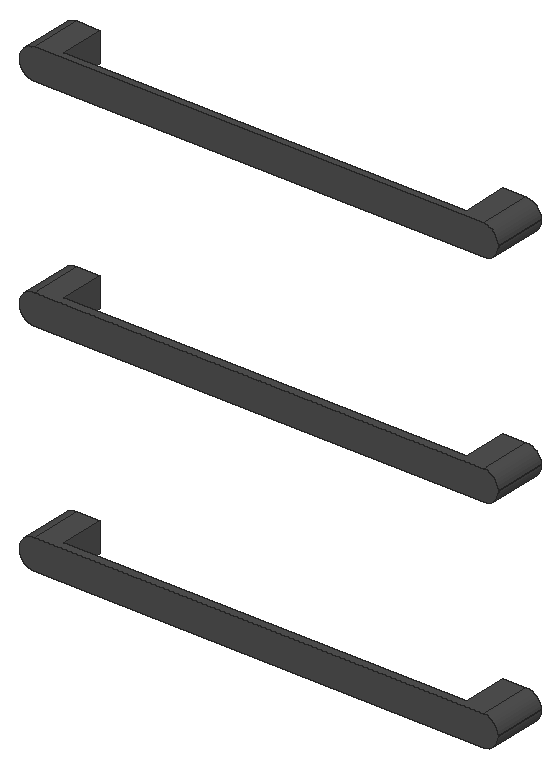
Revit family "Reece_Accessory_Mizu_Soothe_Heated Towel Rail_Triple", category Plumbing Fixtures, Revit 2018
Family settings
  Round Connector Dimension = Use Diameter
  Part Type = Normal
  Work Plane-Based = Yes
  Always vertical = Yes
  Cut with Voids When Loaded = Yes
  Shared = Yes
  Room Calculation Point = Yes
Parameters (values of type "630 mm_Matte Black")
  URL = "https://www.reece.com.au/product/-2007472"
  Type Comments = "Accessory"
  Reece_Product_Web Page = "https://www.reece.com.au/product/-2007472"
  Reece_Product_Type = "Accessory"  # constant formula
  Reece_Product_Sub Brand = "Soothe"  # constant formula
  Reece_Product_Number = "2007472"
  Reece_Product_Mount = "Wall Mounted"
  Reece_Product_Description = "Mizu Soothe Heated Towel Rail 630mm (Triple Pack) Matte Black"
  Reece_Product_Brand = "Mizu"  # constant formula
  Reece_Overall_Width = 632 mm
  Reece_Overall_Projection = 70 mm
  Reece_Material_Main = Reece_Brass_Matte Black
  Reece_Height_From_Level [instance] = 600 mm
  Reece_Electrical_Wattage = 17 W
  Reece_Electrical_Voltage = 12 V
  Reece_Electrical_IP Rating = "IP55"  # constant formula
  Reece_Detail_Shape = ""
  Reece_Detail_Installation = ""
  Reece_Detail_Disclaimer = "THIS FILE IS THE PROPERTY OF THE REECE GROUP. IT MAY NOT BE REPRODUCED, REVERSE-ENGINEERED OR MODIFIED. ANY REPUBLICATION, TRANSMISSION OR DISTRIBUTION FOR THE PURPOSE OF COMMERCIALLY EXPLOITING THE FILES IS PROHIBITED."  # constant formula
  Reece_Detail_Connector = "Electrical input required. Refer to the product web page for further details."  # constant formula
  Reece_Detail_Additional = "Triple Pack"  # constant formula
  Reece_Bottom_Rail_Spacing [instance] = 20 mm  # constant formula
  Reece_Top_Rail_Spacing [instance] = 290 mm
  Reece_Mid_Rail_Spacing [instance] = 290 mm
  Model = "Soothe"
  Manufacturer = "Mizu"
  Keynote = "Product #2007472, Reece_Accessory_Mizu_Soothe_Heated Towel Rail_Triple - 630 mm_Matte Black"
  Fix_C [instance] = if(Reece_Bottom_Rail_Spacing < 20 mm, 20 mm, if(Reece_Bottom_Rail_Spacing > 20 mm, Reece_Bottom_Rail_Spacing, Reece_Bottom_Rail_Spacing))  # 20 mm
  Fix_B [instance] = if(Reece_Mid_Rail_Spacing < 40 mm, 40 mm, if(Reece_Mid_Rail_Spacing > 40 mm, Reece_Mid_Rail_Spacing, Reece_Mid_Rail_Spacing))  # 290 mm
  Fix_A [instance] = if(Reece_Top_Rail_Spacing < 40 mm, 40 mm, if(Reece_Top_Rail_Spacing > 40 mm, Reece_Top_Rail_Spacing, Reece_Top_Rail_Spacing))  # 290 mm
  Disclaimer = "THIS FILE IS THE PROPERTY OF THE REECE GROUP. IT MAY NOT BE REPRODUCED, REVERSE-ENGINEERED OR MODIFIED. ANY REPUBLICATION, TRANSMISSION OR DISTRIBUTION FOR THE PURPOSE OF COMMERCIALLY EXPLOITING THE FILES IS PROHIBITED."  # constant formula
  Description = "Mizu Soothe Heated Towel Rail 630mm (Triple Pack) Matte Black"
  Default Elevation = 0 mm
  Bottom_Offset [instance] = if(Reece_Height_From_Level < 600 mm, 600 mm, if(Reece_Height_From_Level > 600 mm, Reece_Height_From_Level, if(Reece_Height_From_Level = 0 mm, Reece_Height_From_Level, Reece_Height_From_Level)))  # 600 mm
Types (4, lengths in mm): name | URL | Reece_Product_Web Page | Reece_Product_Number | Reece_Product_Description | Reece_Overall_Width | Reece_Material_Main | Reece_Electrical_Wattage | Keynote | Description
  630 mm_Polished Stainless Steel | "https://www.reece.com.au/product/-2007470" | "https://www.reece.com.au/product/-2007470" | "2007470" | "Mizu Soothe Heated Towel Rail 630mm (Triple Pack) Polished Stainless Steel" | 632 | Reece_Metal_Stainless Steel_Polished | 17 W | "Product #2007470, Reece_Accessory_Mizu_Soothe_Heated Towel Rail_Triple - 630 mm_Polished Stainless Steel" | "Mizu Soothe Heated Towel Rail 630mm (Triple Pack) Polished Stainless Steel"
  830 mm_Polished Stainless Steel | "https://www.reece.com.au/product/-2007471" | "https://www.reece.com.au/product/-2007471" | "2007471" | "Mizu Soothe Heated Towel Rail 830mm (Triple Pack) Polished Stainless Steel" | 832 | Reece_Metal_Stainless Steel_Polished | 19 W | "Product #2007471, Reece_Accessory_Mizu_Soothe_Heated Towel Rail_Triple - 830 mm_Polished Stainless Steel" | "Mizu Soothe Heated Towel Rail 830mm (Triple Pack) Polished Stainless Steel"
  830 mm_Matte Black | "https://www.reece.com.au/product/-2007473" | "https://www.reece.com.au/product/-2007473" | "2007473" | "Mizu Soothe Heated Towel Rail 830mm (Triple Pack) Matte Black" | 832 | Reece_Brass_Matte Black | 19 W | "Product #2007473, Reece_Accessory_Mizu_Soothe_Heated Towel Rail_Triple - 830 mm_Matte Black" | "Mizu Soothe Heated Towel Rail 830mm (Triple Pack) Polished Stainless Steel"
  630 mm_Matte Black | "https://www.reece.com.au/product/-2007472" | "https://www.reece.com.au/product/-2007472" | "2007472" | "Mizu Soothe Heated Towel Rail 630mm (Triple Pack) Matte Black" | 632 | Reece_Brass_Matte Black | 17 W | "Product #2007472, Reece_Accessory_Mizu_Soothe_Heated Towel Rail_Triple - 630 mm_Matte Black" | "Mizu Soothe Heated Towel Rail 630mm (Triple Pack) Matte Black"
Reference planes
  plane 1 "Center (Front/Back)": y = 0
  plane 2 "Bottom Host Plane": z = -5
  plane 3 "Center (Left/Right)": x = 0
  plane 4: x = -316
  plane 5: x = 316
  plane 6: y = 0
  plane 7: y = -70
  plane 8 "Height From Floor": z = 600
  plane 9 "Rail_C": z = 620
  plane 10 "Rail_B": z = 910
  plane 11 "Rail_A": z = 1200
Forms (mm)
  Extrusion 1, solid, material "Reece_Brass_Matte Black" <- "Reece_Material_Main"
    sketch origin (0, 0, 0) x (1, 0, 0) y (0, 0, 1)
      loop
        line (-297, 600) -> (-266, 600) -> (-266, 640) -> (-296.5, 640)
        arc (-296.5, 640) -> (-310.289, 634.289) -> (-316, 620.5) r 19.5
        line (-316, 620.5) -> (-316, 619)
        arc (-316, 619) -> (-310.435, 605.565) -> (-297, 600) r 19
      loop
        arc (297, 600) -> (310.435, 605.565) -> (316, 619) r 19
        line (316, 619) -> (316, 620.5)
        arc (316, 620.5) -> (310.289, 634.289) -> (296.5, 640) r 19.5
        line (296.5, 640) -> (266, 640) -> (266, 600) -> (297, 600)
    from 0 to 70
  Extrusion 2, solid, material "Reece_Brass_Matte Black" <- "Reece_Material_Main"
    sketch origin (0, 0, 0) x (1, 0, 0) y (0, 0, 1)
      loop
        line (-266, 640) -> (-266, 600) -> (266, 600) -> (266, 640) -> (-266, 640)
    from 60 to 70
  Extrusion 3, solid, material "Reece_Brass_Matte Black" <- "Reece_Material_Main"
    sketch origin (0, 0, 150) x (1, 0, 0) y (0, 0, 1)
      loop
        line (-297, 740) -> (-266, 740) -> (-266, 780) -> (-296.5, 780)
        arc (-296.5, 780) -> (-310.289, 774.289) -> (-316, 760.5) r 19.5
        line (-316, 760.5) -> (-316, 759)
        arc (-316, 759) -> (-310.435, 745.565) -> (-297, 740) r 19
      loop
        arc (297, 740) -> (310.435, 745.565) -> (316, 759) r 19
        line (316, 759) -> (316, 760.5)
        arc (316, 760.5) -> (310.289, 774.289) -> (296.5, 780) r 19.5
        line (296.5, 780) -> (266, 780) -> (266, 740) -> (297, 740)
    from 0 to 70
  Extrusion 4, solid, material "Reece_Brass_Matte Black" <- "Reece_Material_Main"
    sketch origin (0, 0, 150) x (1, 0, 0) y (0, 0, 1)
      loop
        line (-266, 780) -> (-266, 740) -> (266, 740) -> (266, 780) -> (-266, 780)
    from 60 to 70
  Extrusion 5, solid, material "Reece_Brass_Matte Black" <- "Reece_Material_Main"
    sketch origin (0, 0, 300) x (1, 0, 0) y (0, 0, 1)
      loop
        line (-297, 880) -> (-266, 880) -> (-266, 920) -> (-296.5, 920)
        arc (-296.5, 920) -> (-310.289, 914.289) -> (-316, 900.5) r 19.5
        line (-316, 900.5) -> (-316, 899)
        arc (-316, 899) -> (-310.435, 885.565) -> (-297, 880) r 19
      loop
        arc (297, 880) -> (310.435, 885.565) -> (316, 899) r 19
        line (316, 899) -> (316, 900.5)
        arc (316, 900.5) -> (310.289, 914.289) -> (296.5, 920) r 19.5
        line (296.5, 920) -> (266, 920) -> (266, 880) -> (297, 880)
    from 0 to 70
  Extrusion 6, solid, material "Reece_Brass_Matte Black" <- "Reece_Material_Main"
    sketch origin (0, 0, 300) x (1, 0, 0) y (0, 0, 1)
      loop
        line (-266, 920) -> (-266, 880) -> (266, 880) -> (266, 920) -> (-266, 920)
    from 60 to 70
Cuts and joins
  joined: Extrusion 1, Extrusion 2
  joined: Extrusion 3, Extrusion 4
  joined: Extrusion 5, Extrusion 6
Lines and regions (mm)
  model lines, style "InvisibleLines"
    curve 1: line (0, 0, -5) -> (0, 0, 600)
Text (mm)
  text "Reece ©" at (2785.082, -2529.486, 2702.244), in view "Reece Preview"
  text "Reece Copyright © 2018, Reece Ltd." at (-620.741, -479.303, 0), in view "Ref. Level"
Dimensions and locks
  "Reece_Overall_Projection": plane 1 "Center (Front/Back)" to plane 7
  equal spacing: plane 4, plane 3 "Center (Left/Right)", plane 5
  "Reece_Overall_Width": plane 4 to plane 5
  plane 8 "Height From Floor" to level = 600 mm
  "Bottom_Offset": level to plane 8 "Height From Floor"
  "Fix_C": plane 8 "Height From Floor" to plane 9 "Rail_C"
  "Fix_B": plane 9 "Rail_C" to plane 10 "Rail_B"
  "Fix_A": plane 10 "Rail_B" to plane 11 "Rail_A"
  plane 11 "Rail_A" to plane 10 "Rail_B" to plane 9 "Rail_C" to plane 8 "Height From Floor" = 290 mm, 290 mm, 20 mm
  "Reece_Overall_Projection": plane 7 to plane 6
  plane 4 to plane 5 = 632 mm
  plane 4 to cut or joined group of Extrusion 5, Extrusion 6 = 50 mm
  cut or joined group of Extrusion 1, Extrusion 2 to cut or joined group of Extrusion 1, Extrusion 2 = 40 mm
  cut or joined group of Extrusion 3, Extrusion 4 to cut or joined group of Extrusion 1, Extrusion 2 = 250 mm
  cut or joined group of Extrusion 5, Extrusion 6 to cut or joined group of Extrusion 3, Extrusion 4 = 250 mm
  aligned and locked: plane 2 "Bottom Host Plane" to curve 1
  aligned and locked: plane 4 to Extrusion 1 sketch curve
  aligned and locked: plane 5 to Extrusion 1 sketch curve
  aligned and locked: Extrusion 1 to plane 7
  aligned and locked: Extrusion 1 to plane 6
  aligned and locked: Extrusion 2 sketch curve to Extrusion 1  (x2)
  aligned and locked: Extrusion 2 to plane 7
  aligned and locked: Extrusion 4 sketch curve to Extrusion 3  (x2)
  aligned and locked: Extrusion 6 sketch curve to Extrusion 5  (x2)
Automatic sketch dimensions
  curve 1 to plane 3 "Center (Left/Right)" = 0 mm
  curve 1 to plane 8 "Height From Floor" = 0 mm
  Extrusion 1 sketch curve to plane 8 "Height From Floor" = 0 mm  (x2)
  plane 9 "Rail_C" to Extrusion 1 sketch curve = 1 mm
  Extrusion 1 sketch curve to plane 9 "Rail_C" = 0.5 mm
  Extrusion 1 sketch curve to Extrusion 1 sketch curve = 0.5 mm
  Extrusion 1 sketch curve to Extrusion 1 sketch curve = 31 mm
  Extrusion 1 sketch curve to plane 9 "Rail_C" = 20 mm
  plane 5 to Extrusion 1 sketch curve = 50 mm
  plane 5 to Extrusion 1 sketch curve = 19.5 mm
  plane 5 to Extrusion 1 sketch curve = 19 mm
  Extrusion 2 sketch curve to plane 8 "Height From Floor" = 0 mm
  Extrusion 2 sketch curve to plane 9 "Rail_C" = 20 mm
  plane 4 to Extrusion 3 sketch curve = 0 mm
  plane 5 to Extrusion 3 sketch curve = 0 mm
  plane 10 "Rail_B" to Extrusion 3 sketch curve = 1 mm
  Extrusion 3 sketch curve to plane 4 = 19 mm
  Extrusion 3 sketch curve to plane 10 "Rail_B" = 0.5 mm
  Extrusion 3 sketch curve to Extrusion 3 sketch curve = 0.5 mm
  Extrusion 3 sketch curve to Extrusion 3 sketch curve = 31 mm
  Extrusion 3 sketch curve to plane 10 "Rail_B" = 20 mm
  plane 5 to Extrusion 3 sketch curve = 50 mm
  plane 5 to Extrusion 3 sketch curve = 19.5 mm
  plane 5 to Extrusion 3 sketch curve = 19 mm
  plane 10 "Rail_B" to Extrusion 3 sketch curve = 20 mm
  plane 10 "Rail_B" to Extrusion 4 sketch curve = 20 mm
  Extrusion 4 sketch curve to plane 10 "Rail_B" = 20 mm
  plane 4 to Extrusion 5 sketch curve = 0 mm
  plane 5 to Extrusion 5 sketch curve = 0 mm
  plane 11 "Rail_A" to Extrusion 5 sketch curve = 1 mm
  Extrusion 5 sketch curve to plane 4 = 19 mm
  Extrusion 5 sketch curve to plane 11 "Rail_A" = 0.5 mm
  Extrusion 5 sketch curve to Extrusion 5 sketch curve = 0.5 mm
  Extrusion 5 sketch curve to Extrusion 5 sketch curve = 31 mm
  Extrusion 5 sketch curve to plane 11 "Rail_A" = 20 mm
  plane 5 to Extrusion 5 sketch curve = 50 mm
  plane 5 to Extrusion 5 sketch curve = 19.5 mm
  plane 5 to Extrusion 5 sketch curve = 19 mm
  plane 11 "Rail_A" to Extrusion 5 sketch curve = 20 mm
  plane 11 "Rail_A" to Extrusion 6 sketch curve = 20 mm
  Extrusion 6 sketch curve to plane 11 "Rail_A" = 20 mm
